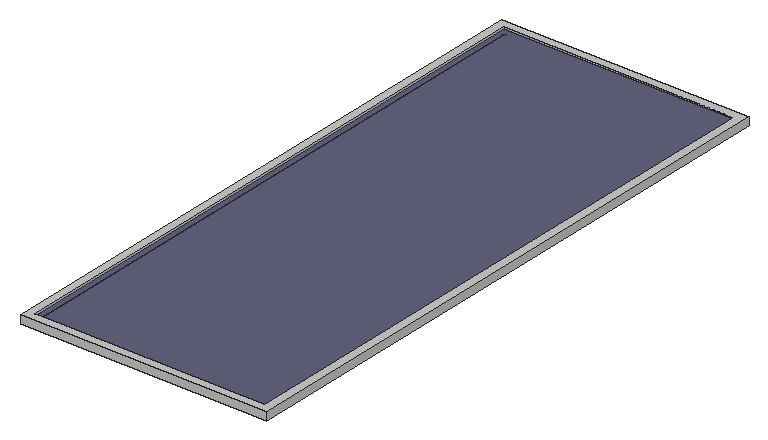
Revit family "rba-bim-b1658 1639", category Plumbing Fixtures, Revit 2015
Parameters (values of type "b1658 1639")
  URL = "www.rba.com.au/washroom-accessories/mirrors"
  Phone Number = "1300 788 778"
  Modified Issue = 20160511.01
  Mirror Background = Paint - Bobrick - Black
  Glass Material = Glass Mirror - Bobrick
  Frame Material = Stainless Steel - Bobrick - Satin
  Model = "B1658 1639"
  Manufacturer = "Bobrick"
  Description = "Glass Mirror with Stainless Steel Angle Frame"
  Copyrighted By = "RBA Group"  # constant formula
  Accessible Compliant = "AS1428.1-2009 Compliant"
Reference planes
  plane 1 "Center (Front/Back)": y = 0
  plane 2: z = 0
  plane 3 "Center (Left/Right)": x = 0
  plane 4: y = 883
  plane 5: x = 203
  plane 6: y = 76
Forms (mm)
  Extrusion 1, solid, material "Paint - Bobrick - Black" <- "Mirror Background"
    sketch origin (-1, 139, 5) x (0, 1, 0) y (-1, 0, 0)
      loop
        line (850, -3) -> (-119.125, -3) -> (-119.125, -405) -> (850, -405) -> (850, -3)
    from 0 to 3
  Sweep 2, solid, material "Stainless Steel - Bobrick - Satin" <- "Frame Material"
    path origin (1, 147, 9) x (0, 1, 0) y (-1, 0, 0)
      loop
        line (850, 1) -> (-141, 1) -> (-141, -405) -> (850, -405) -> (850, 1)
    profile origin (203, 997, 9) x (0, 1, 0) y (0, 0, 1)
      loop
        line (-13, 2) -> (-2, 2) -> (-2, -7) -> (-3, -7) -> (-3, -5) -> (-13.047, -5) -> (-14.047, -4) -> (-21.875, -4) -> (-21.875, -6) -> (-14.875, -6) -> (-13.875, -7) -> (-13.875, -9) -> (0, -9) -> (0, 4) -> (-13, 4) -> (-13, 2)
  Extrusion 3, solid
    sketch origin (-979.292, 273.617, 3) x (0, 1, 0) y (-1, 0, 0)
      loop
        line (638.383, -1037.292) -> (588.383, -1037.292) -> (588.383, -1155.113) -> (-162.617, -1155.113) -> (-162.617, -1037.292) -> (-212.617, -1037.292) -> (-212.617, -1327.292) -> (-162.617, -1327.292) -> (-162.617, -1209.47) -> (588.383, -1209.47) -> (588.383, -1327.292) -> (638.383, -1327.292) -> (638.383, -1037.292)
    from 0 to 2
  Extrusion 4, void
    sketch origin (10, 136.057, -262) x (0, 1, 0) y (-1, 0, 0)
      loop
        circle (-60.057, -78) r 3
    from 265 to 267
  Extrusion 5, void
    sketch origin (240, 136.057, -262) x (0, 1, 0) y (-1, 0, 0)
      loop
        circle (-60.057, -78) r 3
    from 265 to 267
  Extrusion 6, void
    sketch origin (10, 943.307, -262) x (0, 1, 0) y (-1, 0, 0)
      loop
        circle (-60.057, -78) r 3
    from 265 to 267
  Extrusion 7, void
    sketch origin (240, 943.307, -262) x (0, 1, 0) y (-1, 0, 0)
      loop
        circle (-60.057, -78) r 3
    from 265 to 267
  Extrusion 8, void
    sketch origin (11.421, 140, -270) x (0, 1, 0) y (-1, 0, 0)
      loop
        line (772, -66.579) -> (752, -66.579) -> (752, -72.018) -> (758.219, -72.018) -> (758.219, -82.018) -> (752, -82.018) -> (752, -86.579) -> (772, -86.579) -> (772, -66.579)
    from 273 to 275
  Extrusion 9, void
    sketch origin (241.421, 140, -245) x (0, 1, 0) y (-1, 0, 0)
      loop
        line (772, -66.579) -> (752, -66.579) -> (752, -72.018) -> (758.219, -72.018) -> (758.219, -82.018) -> (752, -82.018) -> (752, -86.579) -> (772, -86.579) -> (772, -66.579)
    from 248 to 250
  Extrusion 10, void
    sketch origin (11.421, -661, -276.25) x (0, 1, 0) y (-1, 0, 0)
      loop
        line (772, -66.579) -> (752, -66.579) -> (752, -72.018) -> (758.219, -72.018) -> (758.219, -82.018) -> (752, -82.018) -> (752, -86.579) -> (772, -86.579) -> (772, -66.579)
    from 279.25 to 281.25
  Extrusion 11, void
    sketch origin (241.421, -661, -260.625) x (0, 1, 0) y (-1, 0, 0)
      loop
        line (772, -66.579) -> (752, -66.579) -> (752, -72.018) -> (758.219, -72.018) -> (758.219, -82.018) -> (752, -82.018) -> (752, -86.579) -> (772, -86.579) -> (772, -66.579)
    from 263.625 to 265.625
  Extrusion 12, solid
    sketch origin (115, -820.154, -1) x (0, 1, 0) y (-1, 0, 0)
      loop
        line (887, -93) -> (887, -83) -> (867, -78) -> (867, -98) -> (887, -93)
    from 1 to 4
  Extrusion 13, solid
    sketch origin (0, -776, 0) x (0, 1, 0) y (-1, 0, 0)
      loop
        line (887, -98) -> (887, -78) -> (867, -78) -> (867, -83.438) -> (873.219, -83.438) -> (873.219, -93.438) -> (867, -93.438) -> (867, -98) -> (887, -98)
    from 0 to 5
  Extrusion 14, solid
    sketch origin (230, -776, 0) x (0, 1, 0) y (-1, 0, 0)
      loop
        line (887, -98) -> (887, -78) -> (867, -78) -> (867, -83.438) -> (873.219, -83.438) -> (873.219, -93.438) -> (867, -93.438) -> (867, -98) -> (887, -98)
    from 0 to 5
  Extrusion 15, solid
    sketch origin (230, 25, 0) x (0, 1, 0) y (-1, 0, 0)
      loop
        line (887, -98) -> (887, -78) -> (867, -78) -> (867, -83.438) -> (873.219, -83.438) -> (873.219, -93.438) -> (867, -93.438) -> (867, -98) -> (887, -98)
    from 0 to 5
  Extrusion 16, solid
    sketch origin (0, 25, 0) x (0, 1, 0) y (-1, 0, 0)
      loop
        line (887, -98) -> (887, -78) -> (867, -78) -> (867, -83.438) -> (873.219, -83.438) -> (873.219, -93.438) -> (867, -93.438) -> (867, -98) -> (887, -98)
    from 0 to 5
  Extrusion 17, void
    sketch origin (198, 66.23, 3) x (0, 1, 0) y (0, 0, 1)
      loop
        line (0.616, -3) -> (0.616, 0) -> (-9.692, 0) -> (0.616, -3)
    from -2.951 to 12.669
  Extrusion 18, void
    sketch origin (78, 912, 5) x (0, 1, 0) y (0, 0, 1)
      loop
        line (-20, -5) -> (-2.739, 0) -> (-20, 0) -> (-20, -5)
    from -2.399 to 20
  Extrusion 19, void
    sketch origin (308, 912, 5) x (0, 1, 0) y (0, 0, 1)
      loop
        line (-20, -5) -> (-2.739, 0) -> (-20, 0) -> (-20, -5)
    from -7.593 to 20
  Extrusion 20, void
    sketch origin (308, 111, 5) x (0, 1, 0) y (0, 0, 1)
      loop
        line (-20, -5) -> (-2.739, 0) -> (-20, 0) -> (-20, -5)
    from -0.17 to 20.214
  Extrusion 21, void
    sketch origin (78, 111, 5) x (0, 1, 0) y (0, 0, 1)
      loop
        line (-20, -5) -> (-2.739, 0) -> (-20, 0) -> (-20, -5)
    from -0.17 to 20.214
  Extrusion 22, solid, material "Glass Mirror - Bobrick" <- "Glass Material"
    sketch origin (0, 140, -245) x (0, 1, 0) y (-1, 0, 0)
      loop
        line (-120.125, -2) -> (-120.125, -404) -> (849, -404) -> (849, -2) -> (-120.125, -2)
    from 254 to 253
Cuts and joins
  Extrusion 4, Extrusion 5, Extrusion 6, Extrusion 7, Extrusion 8, Extrusion 9, Extrusion 10, Extrusion 11 cuts Extrusion 3
  Extrusion 21 cuts Extrusion 13
  Extrusion 19 cuts Extrusion 15
  Extrusion 18 cuts Extrusion 16
  Extrusion 17 cuts Extrusion 12
  Extrusion 20 cuts Extrusion 14
Dimensions and locks
  Sweep 2 to Sweep 2 = 406.000 mm
  Sweep 2 to Sweep 2 = 991.000 mm
  Sweep 2 sketch curve to Sweep 2 sketch curve = 13.000 mm  (x2)
  Sweep 2 sketch curve to Extrusion 1 = 983.000 mm
  Sweep 2 sketch curve to Sweep 2 sketch curve = 991.000 mm
  Extrusion 1 to Sweep 2 sketch curve = 2.000 mm
  Extrusion 3 to Extrusion 4 sketch curve = 30.000 mm
  Sweep 2 to plane 4 = 114.000 mm
  plane 1 "Center (Front/Back)" to plane 6 = 76.000 mm
  Extrusion 12 sketch curve to plane 5 to Extrusion 12 sketch curve = 5.000 mm, 5.000 mm
  cut or joined group 1 (Extrusion 3, Extrusion 4, Extrusion 5, Extrusion 6, Extrusion 7, Extrusion 8, Extrusion 9, Extrusion 10, Extrusion 11) to plane 5 to cut or joined group 1 = 145.000 mm, 145.000 mm
  plane 3 "Center (Left/Right)" to plane 5 to Sweep 2 = 203.000 mm, 203.000 mm
  plane 3 "Center (Left/Right)" to Extrusion 22 = 404.000 mm
Nested families
  nested 1: "FamilyID" at (0, 0, 0), type "FamilyID"
Definition of nested family "FamilyID"
  Reference planes
    plane 1: y = 0
    plane 2: x = 0
  Text (mm)
    text "RBA Group Copyright" at (0, 0, 0)
